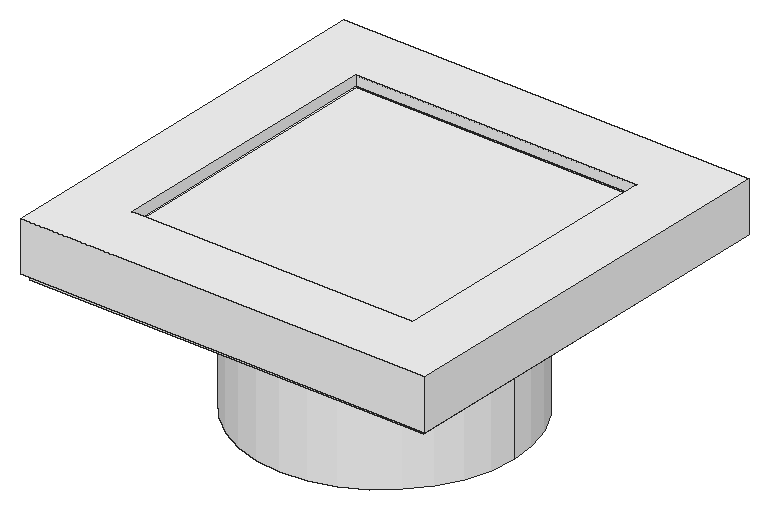
Revit family "Gira_0128005", category Electrical Fixtures, host Face, Revit 2017
Family settings
  Host = Face
  Maintain Annotation Orientation = Yes
  Round Connector Dimension = Use Diameter
  Part Type = Normal
  Cut with Voids When Loaded = No
  Shared = No
  Room Calculation Point = No
Parameters (values of type "Tastschalter Wechselsch. 2f System 55 Schwarz m")
  Zusammenstellung = "Basiselement mit zentraler Abdeckplatte"
  White [instance] = White
  Werkstoffgüte = "sonstige"
  Werkstoff = "sonstige"
  Waschmaschinenschalter = "No"
  URL = "http://katalog.gira.de/de_DE/datenblatt.html?artikelnr=0128005"
  Textfeld/Beschriftungsfläche = "nein"
  Tastschalter = "Yes"
  Schaltungsart = "Wechsel-/Wechselschalter"
  Rückmeldekontakt = "No"
  Region = "DE"
  Oberfläche = "sonstige"
  Nennspannung = "250 Volt"
  Name = "Tastschalter Wechselsch. 2f System 55 Schwarz m"
  Montageart = "unter Putz"
  Model = "Sys55_Komplettgerät_Schalten und Tasten"
  Mit Montageplatte = "No"
  Manufacturer URL = "https://www.gira.de/"
  HeinzeBIM = "https://bimportal.heinze.de/bim/tastschalter-wechselsch-2f-system-55-schwarz-m/cae31afb18ec724c114319204ef5aaf375de1d3e"
  Halogenfrei = "No"
  HAN = "0128005"
  Geeignet für Schutzart (IP) = "IP20"
  GTIN = "4010337038030"
  Farbe = "schwarz"
  Default Elevation = 1219.2 mm
  Data sheet (1) = "https://katalog.gira.de/de_DE/download.html?artikelnr=0128005"
  Category = "Installationsschalter"
  Bemessungsstrom = "10 Ampere"
  Beleuchtung = "nein"
  Befestigungsart = "Krallen-/Schraubbefestigung"
  Bedienungsart = "Wippe/Taste"
  Available = "Yes"
  Ausführung der Oberfläche = "matt"
  Anzahl der Module (bei Modulbauweise) = "1 "
  Anzahl der Betätigungswippen = "2 "
  Anschlussart = "Steckklemme"
Reference planes
  plane 1 "Center (Front/Back)": y = 0
  plane 2: z = 0
  plane 3 "Center (Left/Right)": x = 0
Forms (mm)
  Extrusion 1, solid, material "White" <- "White", detail levels medium
    sketch origin (0, 0, 0) x (1, 0, 0) y (0, 1, 0)
      loop
        line (-40.4, 40.4) -> (-40.4, -40.4) -> (40.4, -40.4) -> (40.4, 40.4) -> (-40.4, 40.4)
      loop
        line (-28, 28) -> (-28, -28) -> (28, -28) -> (28, 28) -> (-28, 28)
    from 0 to 10
  Extrusion 2, solid, material "White" <- "White", detail levels fine
    sketch origin (0, 0, 0) x (1, 0, 0) y (0, 1, 0)
      loop
        line (-40.4, 40.4) -> (-40.4, -40.4) -> (40.4, -40.4) -> (40.4, 40.4) -> (-40.4, 40.4)
      loop
        line (-28, 28) -> (-28, -28) -> (28, -28) -> (28, 28) -> (-28, 28)
    from 0 to 10
  Extrusion 3, void
    sketch origin (0, 0, 0) x (1, 0, 0) y (0, 1, 0)
      loop
        line (-38.4, 38.4) -> (-38.4, -38.4) -> (38.4, -38.4) -> (38.4, 38.4) -> (-38.4, 38.4)
    from 0 to 8
  Extrusion 4, solid, material "White" <- "White", detail levels medium+fine
    sketch origin (0, 0, 0) x (1, 0, 0) y (0, 1, 0)
      loop
        line (-39.4, 39.4) -> (-39.4, -39.4) -> (39.4, -39.4) -> (39.4, 39.4) -> (-39.4, 39.4)
    from 0 to -1
  Extrusion 5, solid, material "White" <- "White", detail levels medium+fine
    sketch origin (0, 0, 0) x (1, 0, 0) y (0, 1, 0)
      loop
        line (-35.5, 35.5) -> (-35.5, -35.5) -> (35.5, -35.5) -> (35.5, 35.5) -> (-35.5, 35.5)
    from -2 to -3
  Extrusion 6, solid, material "White" <- "White", detail levels medium+fine
    sketch origin (0, 0, 0) x (1, 0, 0) y (0, 1, 0)
      loop
        circle (0, 0) r 26
    from 0 to -27.5
  Extrusion 7, solid, material "White" <- "White", detail levels coarse
    sketch origin (0, 0, 0) x (1, 0, 0) y (0, 1, 0)
      loop
        line (-40.4, 40.4) -> (-40.4, -40.4) -> (40.4, -40.4) -> (40.4, 40.4) -> (-40.4, 40.4)
    from -27.5 to 10
Cuts and joins
  Extrusion 3 cuts Extrusion 2
Dimensions and locks
  aligned and locked: plane 2 to host face
  aligned and locked: level to host face
  aligned and locked: plane 3 "Center (Left/Right)" to nested 2
  aligned and locked: plane 1 "Center (Front/Back)" to nested 2
Nested families
  nested 1: "Sys55_Abdeckung_Schalten und Tasten_floor_base" at (0, 0, 0), type "Sys55_Abdeckung_Schalten und Tasten_floor_base"
  nested 2: "Schalter" at (0, 0, 0), type "Schalter"
Connectors
  electrical at (0, 0, -27.5)
    settings: on Extrusion 6, index 1, voltage 220 V, apparent load 0 VA, apparent load phase1 0 VA, apparent load phase2 0 VA, apparent load phase3 0 VA, power factor 1, load classification "Other", number of poles 1, system type 30, power factor state 1, is connector primary yes, connector utility no, sub classification motor no, connector description ""
Definition of nested family "Sys55_Abdeckung_Schalten und Tasten_floor_base"
  Parameters
    Default Elevation = 1219.2 mm
    White [instance] = none
  Reference planes
    plane 1 "Center (Front/Back)": y = 0
    plane 2: z = 0
    plane 3 "Center (Left/Right)": x = 0
  Forms (mm)
    Extrusion 1, solid
      sketch origin (0, 0, 0) x (1, 0, 0) y (0, 1, 0)
        loop
          line (-1219.2, 1219.2) -> (-1219.2, -1219.2) -> (1219.2, -1219.2) -> (1219.2, 1219.2) -> (-1219.2, 1219.2)
      from 0 to -304.8
    Extrusion 2, solid, material <- "White", detail levels fine
      sketch origin (0, 0, 0) x (1, 0, 0) y (0, 1, 0)
        loop
          line (-27.5, 27.5) -> (-27.5, -27.5) -> (27.5, -27.5) -> (27.5, 27.5) -> (-27.5, 27.5)
      from 0 to 8
    Extrusion 3, void
      sketch origin (0, 0, 0) x (1, 0, 0) y (0, 1, 0)
        loop
          line (26, 26) -> (-26, 26) -> (-26, -26) -> (26, -26) -> (26, 26)
      from 0 to 6
    Extrusion 4, solid, material <- "White", detail levels medium
      sketch origin (0, 0, 0) x (1, 0, 0) y (0, 1, 0)
        loop
          line (-27.5, 27.5) -> (-27.5, -27.5) -> (27.5, -27.5) -> (27.5, 27.5) -> (-27.5, 27.5)
      from 0 to 8
    Extrusion 5, solid, material <- "White", detail levels medium
      sketch origin (0, 0, 0) x (1, 0, 0) y (0, 1, 0)
        loop
          line (11, -17.5) -> (11, 17.5) -> (-11, 17.5) -> (-11, -17.5) -> (11, -17.5)
      from -6 to 6
    Extrusion 6, solid, material <- "White", detail levels fine
      sketch origin (0, 0, 0) x (1, 0, 0) y (0, 1, 0)
        loop
          line (11, 17.5) -> (-11, 17.5) -> (-11, 16.5) -> (11, 16.5) -> (11, 17.5)
        loop
          line (-11, -16.5) -> (-11, -17.5) -> (11, -17.5) -> (11, -16.5) -> (-11, -16.5)
      from -4 to 6
    Extrusion 7, solid, material <- "White", detail levels fine
      sketch origin (0, 0, 0) x (1, 0, 0) y (0, 1, 0)
        loop
          arc (5, 9.347) -> (0, 10.6) -> (-5, 9.347) r 10.6
          line (-5, 9.347) -> (-5, -9.347)
          arc (-5, -9.347) -> (0, -10.6) -> (5, -9.347) r 10.6
          line (5, -9.347) -> (5, 9.347)
      from -6 to 6
    Extrusion 8, solid, material <- "White", detail levels coarse
      sketch origin (0, 0, 0) x (1, 0, 0) y (0, 1, 0)
        loop
          line (-27.5, 27.5) -> (-27.5, -27.5) -> (27.5, -27.5) -> (27.5, 27.5) -> (-27.5, 27.5)
      from -6 to 8
  Cuts and joins
    Extrusion 3 cuts Extrusion 2
  Dimensions and locks
    aligned and locked: plane 2 to Extrusion 1
    aligned and locked: level to Extrusion 1
Definition of nested family "Schalter"
  Reference planes
    plane 1: y = 0
    plane 2: x = 0
  Lines and regions (mm)
    detail lines
      curve 1: circle (1.375, 2.778, 0) r 0.8 normal (0, 0, 1)
      curve 2: line (1.021, 2.061, 0) -> (0, 0, 0)
      curve 3: line (0, 0, 0) -> (-0.538, 0.266, 0)
  Dimensions and locks
    curve 2 to curve 2 = 2.3 mm
    curve 3 to curve 2 = 0.6 mm
    radius of curve 1 = 0.8 mm
